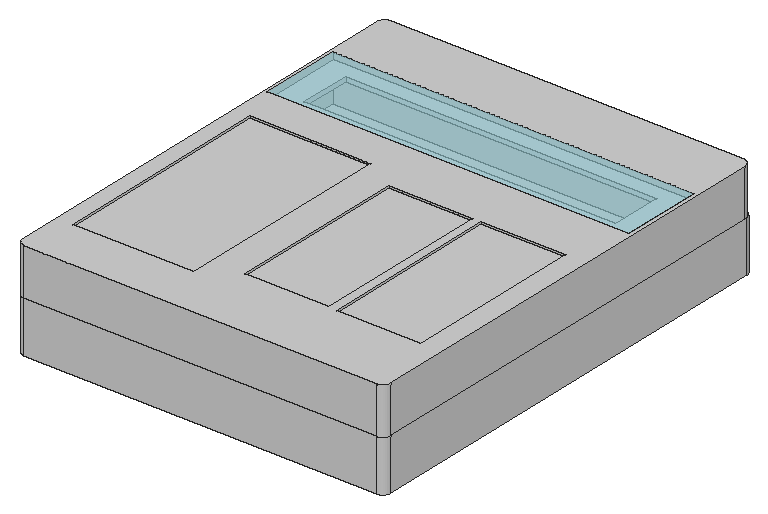
Revit family "Building-QuadriIEC309-GEWISS-68QDIN-QUADRI-PRESE-20MOD_3PRESE_IB_VERT", category Apparecchi elettrici, host Superficie, Revit 2019
Family settings
  Host = Superficie
  Mantenere orientamento annotazione = Sì
  Quota connettore circolare = Usa diametro
  Tipo di parte = Normale
  Taglio con vuoti quando caricato = No
  Condiviso = No
  Punto di calcolo locali = Sì
Parameters (values of type "GW68022N - Q-DIN 20M 1PR.BL.63A 2PR.BL.16/32A IP65")
  visibilita posizionamento 2d [instance] = yes
  simbolo 2d [instance] = yes
  oggetto in pianta [instance] = not(visibilita posizionamento 2d)  # no
  distanza_simbolo [instance] = 0.1 mm
  bordo acceso [instance] = yes
  Visibilità sportello [instance] = yes
  Versione file RFA = "21.5"
  VETRO = Vetro
  URL = "https://www.gewiss.com/it/it"
  Tipologia di installazione = "Da parete"
  Tipo versione = "Vuoto"
  Termopressione con biglia = "70 °C"
  Temperatura di utilizzo = "-25 +40 °C"
  Temperatura di funzionamento = "-25 ÷ +40 °C"
  Spostamento_effettivo_S [instance] = 4000 mm - Spostamento_S  # 3000 mm
  Spostamento_S = 1000 mm
  Simbolo_quadro [instance] = not(simbolo 2d)  # no
  Scheda Tecnica = "https://www.gewiss.com/it/it/search?q=GW68022N"
  STRUTTURA ALTA = Poche
  STRUTTURA = RAL - 7035
  SEO = "Quadretto"
  Resistenza agli urti = "IK08"
  Default Elevation = 1219.2 mm
  Produttore = "GEWISS S.p.A."
  Potenza dissipabile B (W) = "92"
  Potenza dissipabile A (W) = "30"
  PRESA = rosso
  POMELLO = bianco
  N_Moduli = 20 mm
  N. prese alloggiabili = "1 IB Vert. 63 A IP67 + 2 IB Vert. 16/32 A IP67"
  N. prese IB alloggiabili: = "1 IB Vert. 63 A IP67 + 2 IB Vert. 16/32 A IP67"
  N. mod. EN 50022 = "20"
  N. flange in dotazione = "1 IB 16/32 A"
  N. coperchi ciechi in dotazione = "1 IB 16/32 A"
  Modello = "GW68022N"
  L_Moduli = N_Moduli * 19  # 380 mm
  Immagine tipo = GW68022N.jpg
  IDT = "c5faa6ce-0638-4a66-bbf1-3e08dc7c6100"
  IDF = "6720abdd-bf8e-405e-981d-965ec1ef4bba"
  Grado di protezione = "IP65"
  Glow Wire Test = "650°C"
  Descrizione = "Q-DIN 20M 1PR.BL.63A 2PR.BL.16/32A IP65"
  Creato da GEWISS S.p.A. = ""
  ConformitÃ  normativa = "EN 60208 - EN 60670-1 - IEC 60670-24"
  Colore = "Grigio RAL 7035"
  Codice Electrocod = "2242"
  Codice EAN = "8011564744899"
  Classe isolamento = "II"
  Catalogo Serie = "68 QDIN"
  Catalogo = "BUILDING"
  COBie.Tagnumber = ""
  COBie.CreatedOn = ""
  COBie.CreatebBy = ""
  COBie.ComponentRegisterItemID = ""
  COBie.Component.TagNumber = ""
  COBie.Component.Space = ""
  COBie.Component.SerialNumber = ""
  COBie.Component.InstallationDate = ""
  COBie.Component.Description = ""
  COBie.Component.BarCode = ""
Reference planes
  plane 1 "Centro (Fronte/Retro)": y = 0
  plane 2: z = 0
  plane 3 "Centro (Sinistra/Destra)": x = 0
  plane 4: x = -3000
  plane 5: x = 0
Forms (mm)
  Extrusion 1, solid, detail levels coarse
    sketch origin (0, 0, 0) x (1, 0, 0) y (0, 1, 0)
      loop
        line (-225, 0) -> (225, 0) -> (225, 560) -> (-225, 560) -> (-225, 0)
    from 0 to 120
Lines and regions (mm)
  Masking region 1, visible <- "visibilita posizionamento 2d"
    outline origin (0, 0, 0) x (1, 0, 0) y (0, 0, 1)
      loop
        line (-160, 0) -> (160, 0) -> (160, 96) -> (-160, 96) -> (-160, 0)
Dimensions and locks
  plane 4 to plane 3 "Centro (Sinistra/Destra)" = 3000 mm
  "Spostamento_effettivo_S": plane 4 to plane 5
  aligned and locked: plane 2 to host face
  aligned and locked: level to host face
  aligned and locked: nested 1 to plane 5
  aligned and locked: nested 3 to plane 5
  aligned and locked: nested 2 to plane 5
  aligned and locked: nested 2 to Extrusion 1 sketch curve  (x2)
  aligned and locked: Extrusion 1 sketch curve to nested 2
  aligned and locked: plane 1 "Centro (Fronte/Retro)" to nested 2
  aligned and locked: nested 2 to Extrusion 1
  aligned and locked: Extrusion 1 to level
  aligned and locked: nested 2 to host face
  aligned and locked: Extrusion 1 to nested 2
Automatic sketch dimensions
  host sketch curve to host sketch curve = 2438.4 mm  (x2)
  Masking region 1 sketch curve to level = 0 mm
  Masking region 1 sketch curve to plane 3 "Centro (Sinistra/Destra)" = 160 mm
  plane 3 "Centro (Sinistra/Destra)" to Masking region 1 sketch curve = 160 mm
  Masking region 1 sketch curve to Masking region 1 sketch curve = 96 mm
  Extrusion 1 sketch curve to Extrusion 1 sketch curve = 560 mm
Nested families
  nested 1: "CENTRALINO" at (0, 737.795, 0), BORDO ACCESO <- "bordo acceso", SIMBOLO ACCESO <- "simbolo 2d", Distanza dal muro <- "distanza_simbolo", visible <- "simbolo 2d", type "CENTRALINO"
    with SIMBOLO ACCESO yes, Distanza dal muro 0.1 mm, BORDO ACCESO yes
  nested 2: "68QDIN20 QUADRO DISTRIBUZ X 3 PRESE IND_base" at (0, 357, 0), Visibilita sportello <- "Visibilità sportello", type "68QDIN20 QUADRO DISTRIBUZ X 3 PRESE IND_base", detail levels medium+fine
  nested 3: "simb_CENTRALINO_BASE_cad pro" at (0, 737.795, 0), Distanza dal muro <- "distanza_simbolo", visible <- "Simbolo_quadro", SIMBOLO ACCESO <- "Simbolo_quadro", type "simb_CENTRALINO_BASE_cad pro"
    with SIMBOLO ACCESO no, Distanza dal muro 0.1 mm, BORDO ACCESO yes
Definition of nested family "68QDIN20 QUADRO DISTRIBUZ X 3 PRESE IND_base"
  Parameters (values of type "68QDIN20 QUADRO DISTRIBUZ X 3 PRESE IND_base")
    n_moduli = 380 mm
    h_moduli = 62.79 mm
    Visibilita sportello [instance] = yes
    Vetro = none
    Struttura = none
    Spessore = 120 mm
    Default Elevation = 14 mm
    Presa = none
    Larghezza = 450 mm
    IFC.TypeObject = ""
    IFC.ExportType = ""
    IFC.ExportAs = ""
    H_da terra = 589.057 mm
    COBie.CreatedOn = ""
    COBie.CreatebBy = ""
    COBie.ComponentRegisterItemID = ""
    COBie.Component.TagNumber = ""
    COBie.Component.Space = ""
    COBie.Component.SerialNumber = ""
    COBie.Component.InstallationDate = ""
    COBie.Component.Description = ""
    COBie.Component.BarCode = ""
    Altezza scatole = 350 mm
    Altezza quadro = 150 mm
    Altezza = 258 mm
  Reference planes
    plane 1 "Centro (Fronte/Retro)": y = 0
    plane 2: z = 0
    plane 3 "Centro (Sinistra/Destra)": x = 0
    plane 4: z = 63
    plane 5: x = -225
    plane 6: x = 225
    plane 7: x = -221
    plane 8: x = 221
    plane 9: y = 122
    plane 10: y = 21.246
    plane 11: y = 0
    plane 12: y = -25.754
    plane 13: y = -357
    plane 14: y = 203
    plane 15: y = 101.79
    plane 16: y = 39
    plane 17: x = -190
    plane 18: x = 190
    plane 19: z = 120
    plane 20: y = 70.395
    plane 21: x = -204.6
    plane 22: x = 223.1
    plane 23: x = -56.6
    plane 24: y = -123
    plane 25: x = -16.6
    plane 26: x = 86.4
    plane 27: x = 96.4
    plane 28: x = 199.4
    plane 29: y = -295.754
    plane 30: y = -269.018
    plane 31: z = 106.8
    plane 32 "pos": z = 112
    plane 33: z = 118
  Forms (mm)
    Extrusion 1, solid, material <- "Struttura"
      sketch origin (0, -857.311, 0) x (1, 0, 0) y (0, 1, 0)
        loop
          arc (-215, 1060.311) -> (-222.071, 1057.382) -> (-225, 1050.311) r 10
          line (-225, 1050.311) -> (-225, 510.311)
          arc (-225, 510.311) -> (-222.071, 503.24) -> (-215, 500.311) r 10
          line (-215, 500.311) -> (215, 500.311)
          arc (215, 500.311) -> (222.071, 503.24) -> (225, 510.311) r 10
          line (225, 510.311) -> (225, 1050.311)
          arc (225, 1050.311) -> (222.071, 1057.382) -> (215, 1060.311) r 10
          line (215, 1060.311) -> (-215, 1060.311)
      from 63 to 120
    Extrusion 2, solid, material <- "Struttura"
      sketch origin (0, -857.311, 0) x (1, 0, 0) y (0, 1, 0)
        loop
          line (217.45, 1060.311) -> (-221.38, 1060.311)
          arc (-221.38, 1060.311) -> (-223.94, 1059.251) -> (-225, 1056.691) r 3.62
          line (-225, 1056.691) -> (-225, 510.311)
          arc (-225, 510.311) -> (-222.071, 503.24) -> (-215, 500.311) r 10
          line (-215, 500.311) -> (215, 500.311)
          arc (215, 500.311) -> (222.071, 503.24) -> (225, 510.311) r 10
          line (225, 510.311) -> (225, 1052.76)
          arc (225, 1052.76) -> (222.789, 1058.099) -> (217.45, 1060.311) r 7.55
      from 0 to 63
    Extrusion 3, void
      sketch origin (0, -857.311, 0) x (1, 0, 0) y (0, 1, 0)
        loop
          line (-221, 979.311) -> (-221, 878.557) -> (221, 878.557) -> (221, 979.311) -> (-221, 979.311)
      from 63 to 120
    Extrusion 4, void
      sketch origin (0, 0, 84.734) x (0, -1, 0) y (1, 0, 0)
        loop
          line (25.754, -204.6) -> (295.754, -204.6) -> (295.754, -56.6) -> (25.754, -56.6) -> (25.754, -204.6)
        loop
          line (269.018, -16.6) -> (269.018, 86.4) -> (49.018, 86.4) -> (49.018, -16.6) -> (269.018, -16.6)
        loop
          line (49.018, 96.4) -> (269.018, 96.4) -> (269.018, 199.4) -> (49.018, 199.4) -> (49.018, 96.4)
      from 33.266 to 35.266
    Extrusion 5, solid
      sketch origin (0, 0, 84.734) x (0, -1, 0) y (1, 0, 0)
        loop
          line (-122, -221) -> (-21.246, -221) -> (-21.246, 221) -> (-122, 221) -> (-122, -221)
      from 22.066 to 27.266
    Extrusion 6, void
      sketch origin (0, 0, 84.734) x (0, -1, 0) y (1, 0, 0)
        loop
          line (-101.79, -190) -> (-39, -190) -> (-39, 190) -> (-101.79, 190) -> (-101.79, -190)
      from 22.066 to 27.266
    Extrusion 7, solid, material <- "Vetro"
      sketch origin (0, 0, 84.734) x (0, -1, 0) y (1, 0, 0)
        loop
          line (-21.246, -221) -> (-21.246, 221) -> (-122, 221) -> (-122, -221) -> (-21.246, -221)
      from 27.266 to 35.266
  Cuts and joins
    Extrusion 3, Extrusion 4 cuts Extrusion 1
    Extrusion 6 cuts Extrusion 5
  Lines and regions (mm)
    model lines
      curve 1: line (190, 70.395, 112) -> (-190, 70.395, 112)
  Dimensions and locks
    locked: plane 5 to plane 7 at 4
    locked: plane 8 to plane 6 at 4
    equal spacing: plane 5, plane 3 "Centro (Sinistra/Destra)", plane 6
    "Larghezza": plane 5 to plane 6
    plane 11 to plane 12 = 25.754 mm
    plane 1 "Centro (Fronte/Retro)" to plane 14 = 203 mm
    plane 13 to plane 11 = 357 mm
    plane 10 to plane 1 "Centro (Fronte/Retro)" = 21.246 mm
    "h_moduli": plane 15 to plane 16
    equal spacing: plane 17, plane 3 "Centro (Sinistra/Destra)", plane 18
    "n_moduli": plane 17 to plane 18
    locked: plane 4 to plane 2 at 63
    equal spacing: plane 15, plane 20, plane 16
    plane 12 to plane 24 = 97.246 mm  (x2)
    locked: plane 22 to plane 6 at 1.9
    plane 21 to plane 23 = 148 mm  (x2)
    locked: plane 27 to plane 28 at 103
    plane 26 to plane 27 = 10 mm
    locked: plane 9 to plane 15 at 20.21
    plane 14 to plane 9 = 81 mm
    plane 10 to plane 12 = 47 mm
    cut or joined group of Extrusion 1, Extrusion 3, Extrusion 4 to cut or joined group of Extrusion 1, Extrusion 3, Extrusion 4 = 270 mm
    plane 13 to plane 14 = 560 mm
    locked: plane 32 "pos" to plane 31 at 5.2
    plane 4 to plane 19 = 57 mm
    locked: plane 19 to plane 32 "pos" at 8
    "Spessore": plane 19 to level
    locked: plane 19 to plane 33 at 2
    locked: plane 28 to plane 22 at 23.7
    plane 25 to plane 26 = 103 mm
    locked: plane 23 to plane 25 at 40
    radius of Extrusion 2 sketch curve = 10 mm  (x2)
    radius of Extrusion 2 sketch curve = 3.62 mm
    radius of Extrusion 2 sketch curve = 7.55 mm
    radius of Extrusion 1 sketch curve = 10 mm  (x4)
    aligned and locked: level to plane 2
    aligned and locked: Extrusion 2 sketch curve to plane 5
    aligned and locked: plane 6 to Extrusion 2 sketch curve
    aligned and locked: plane 6 to Extrusion 1 sketch curve
    aligned and locked: Extrusion 1 sketch curve to plane 5
    aligned and locked: Extrusion 3 sketch curve to plane 7
    aligned and locked: Extrusion 3 sketch curve to plane 8
    aligned and locked: Extrusion 3 sketch curve to plane 9
    aligned and locked: Extrusion 3 sketch curve to plane 10
    aligned and locked: plane 13 to Extrusion 2 sketch curve
    aligned and locked: plane 1 "Centro (Fronte/Retro)" to plane 11
    aligned and locked: plane 14 to Extrusion 1 sketch curve
    aligned and locked: plane 13 to Extrusion 1 sketch curve
    aligned and locked: Extrusion 2 sketch curve to plane 14
    aligned and locked: Extrusion 4 sketch curve to plane 21
    aligned and locked: Extrusion 4 sketch curve to plane 23
    aligned and locked: Extrusion 4 sketch curve to plane 25
    aligned and locked: Extrusion 4 sketch curve to plane 26
    aligned and locked: Extrusion 4 sketch curve to plane 27
    aligned and locked: Extrusion 4 sketch curve to plane 28
    aligned and locked: Extrusion 1 to Extrusion 4
    aligned and locked: Extrusion 4 sketch curve to plane 29
    aligned and locked: plane 30 to Extrusion 4 sketch curve
    aligned and locked: Extrusion 1 to Extrusion 3
    aligned and locked: plane 4 to cut or joined group of Extrusion 1, Extrusion 3, Extrusion 4  (x2)
    aligned and locked: plane 8 to Extrusion 5 sketch curve
    aligned and locked: Extrusion 5 sketch curve to plane 7
    aligned and locked: Extrusion 5 sketch curve to plane 10
    aligned and locked: Extrusion 5 sketch curve to plane 9
    aligned and locked: Extrusion 5 to plane 31
    aligned and locked: plane 32 "pos" to Extrusion 5
    aligned and locked: Extrusion 2 to cut or joined group of Extrusion 1, Extrusion 3, Extrusion 4
    aligned and locked: plane 19 to Extrusion 1
    aligned and locked: cut or joined group of Extrusion 1, Extrusion 3, Extrusion 4 to plane 33
    aligned and locked: Extrusion 6 sketch curve to plane 15
    aligned and locked: Extrusion 6 sketch curve to plane 16
    aligned and locked: Extrusion 6 sketch curve to plane 17
    aligned and locked: Extrusion 6 sketch curve to plane 18
    aligned and locked: Extrusion 6 to plane 31
    aligned and locked: plane 32 "pos" to Extrusion 6
    aligned and locked: Extrusion 7 sketch curve to plane 7
    aligned and locked: Extrusion 7 sketch curve to plane 8
    aligned and locked: Extrusion 7 sketch curve to plane 10
    aligned and locked: Extrusion 7 sketch curve to plane 9
    aligned and locked: Extrusion 7 to plane 32 "pos"
    aligned and locked: plane 19 to Extrusion 7
    aligned and locked: curve 1 to plane 20
    aligned and locked: plane 17 to curve 1
    aligned and locked: plane 18 to curve 1
  Automatic sketch dimensions
    Extrusion 4 sketch curve to plane 12 = 0 mm
    Extrusion 4 sketch curve to plane 12 = 23.264 mm
    plane 30 to Extrusion 4 sketch curve = 0 mm
    Extrusion 4 sketch curve to Extrusion 4 sketch curve = 0 mm
Definition of nested family "CENTRALINO"
  Parameters (values of type "CENTRALINO")
    SIMBOLO ACCESO [instance] = yes
    Distanza dal muro [instance] = 0 mm
    BORDO ACCESO [instance] = yes
  Reference planes
    plane 1: y = 0
    plane 2: x = 0
  Dimensions and locks
    "Distanza dal muro": plane 1 to nested 1
    aligned and locked: plane 2 to nested 1
  Nested families
    nested 1: "CENTRALINO_BASE" at (0, 0, 0), BORDO ACCESO <- "BORDO ACCESO", visible <- "SIMBOLO ACCESO", type "CENTRALINO"
      with BORDO ACCESO yes
  Definition of nested family "CENTRALINO_BASE"
    Parameters (values of type "CENTRALINO")
      Distanza dal muro = 0 mm
      BORDO ACCESO [instance] = yes
    Reference planes
      plane 1: y = 0
      plane 2: x = 0
    Lines and regions (mm)
      detail lines, visible <- "BORDO ACCESO", not visible
        curve 1: line (-2.443, 10.208, 0) -> (2.057, 10.208, 0)
        curve 2: line (2.057, 10.208, 0) -> (2.057, 4.208, 0)
        curve 3: line (2.057, 4.208, 0) -> (-2.443, 4.208, 0)
        curve 4: line (-2.443, 4.208, 0) -> (-2.443, 10.208, 0)
        curve 5: line (-2.043, 9.808, 0) -> (1.657, 9.808, 0)
        curve 6: line (1.657, 9.808, 0) -> (1.657, 4.608, 0)
        curve 7: line (1.657, 4.608, 0) -> (-2.043, 4.608, 0)
        curve 8: line (-2.043, 4.608, 0) -> (-2.043, 9.808, 0)
      detail lines
        curve 9: line (0, 0.671, 0) -> (0, 0, 0)
        curve 10: line (0.659, 0.671, 0) -> (0.659, 1.33, 0)
        curve 11: line (0.659, 1.33, 0) -> (-0.659, 1.33, 0)
        curve 12: line (-0.659, 1.33, 0) -> (-0.659, 0.671, 0)
        curve 13: line (-0.659, 0.671, 0) -> (0.659, 0.671, 0)
        curve 14: line (0.497, 1.33, 0) -> (0.497, 2, 0)
        curve 15: line (0.167, 1.33, 0) -> (0.167, 2, 0)
        curve 16: line (-0.162, 1.33, 0) -> (-0.162, 2, 0)
        curve 17: line (-0.491, 1.33, 0) -> (-0.491, 2, 0)
Definition of nested family "simb_CENTRALINO_BASE_cad pro"
  Parameters (values of type "simb_CENTRALINO_BASE_cad pro")
    SIMBOLO ACCESO [instance] = yes
    Distanza dal muro [instance] = 0 mm
    BORDO ACCESO [instance] = yes
  Reference planes
    plane 1: y = 0
    plane 2: x = 0
  Dimensions and locks
    "Distanza dal muro": plane 1 to nested 1
    aligned and locked: plane 2 to nested 1
  Nested families
    nested 1: "CENTRALINO_BASE_cad pro" at (0, 0, 0), type "CENTRALINO"
  Definition of nested family "CENTRALINO_BASE_cad pro"
    Parameters (values of type "CENTRALINO")
      Distanza dal muro = 0 mm
    Reference planes
      plane 1: y = 0
      plane 2: x = 0
    Lines and regions (mm)
      detail lines
        curve 1: line (1.33, 1.33, 0) -> (2.109, 1.33, 0)
        curve 2: line (2.109, 1.33, 0) -> (2.109, 0, 0)
        curve 3: line (2.109, 0, 0) -> (1.33, 0, 0)
        curve 4: line (1.33, 0, 0) -> (-1.33, 1.33, 0)
        curve 5: line (-1.33, 1.33, 0) -> (1.33, 1.33, 0)
        curve 6: line (1.33, 1.33, 0) -> (1.33, 0, 0)
        curve 7: line (1.33, 0, 0) -> (-1.33, 0, 0)
        curve 8: line (-1.33, 0, 0) -> (-1.33, 1.33, 0)
        curve 9: line (1.461, 0.665, 0) -> (1.977, 0.665, 0)
        curve 10: line (1.719, 0.665, 0) -> (1.719, 1.01, 0)
        curve 11: arc (1.977, 0.406, 0) -> (1.719, 0.665, 0) -> (1.461, 0.406, 0) r 0.258
